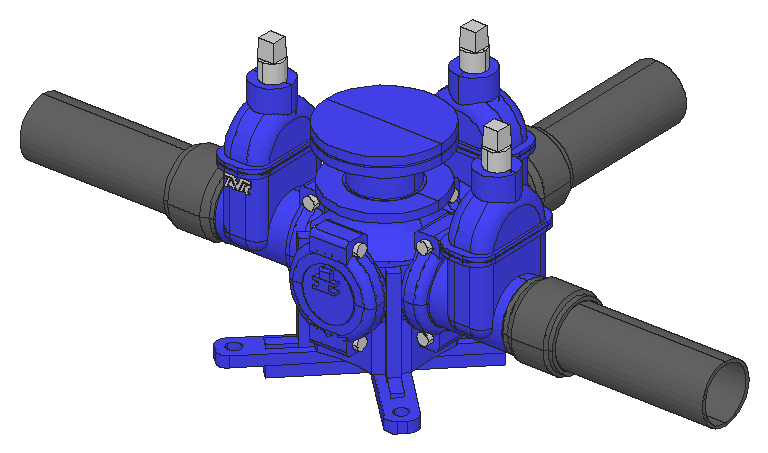
Revit family "18-01-010 DN100 Combicross with BL_CAP", category Pipe Accessories, Revit 2022
Family settings
  Round Connector Dimension = Use Diameter
  Part Type = Valve - Breaks Into
  Work Plane-Based = No
  Always vertical = Yes
  Cut with Voids When Loaded = No
  Shared = No
Parameters (values of type "DN100_With Blind Cap")
  test = 100 mm  # constant formula
  Width = 24 mm  # constant formula
  URL_product_pages = "https://www.avkvalves.com/P.aspx?no=1810001BBB894764"
  Search_table = "18-01-010 DN100 Combicross with BL_CAP"
  Rib_dim2 = 510 mm * 0.04  # 20.4 mm
  Rib_dim1 = 55 mm * 0.2  # 11 mm
  Raised_dis = size_lookup(Search_table, "Raised_dis", 0 mm, DN)  # 3 mm
  Rib_dim3 = PCD * 0.45  # 180 mm
  PCD = 510 mm - 110 mm  # 400 mm
  L3 = size_lookup(Search_table, "L3", 0 mm, DN)  # 825 mm
  L = size_lookup(Search_table, "L", 0 mm, DN) / 2  # 652.5 mm
  Hole_dia = 26 mm / 2  # 13 mm
  H3-H1 = H3 - H1  # 306 mm
  H3 = size_lookup(Search_table, "H3", 0 mm, DN)  # 491 mm
  H1 = size_lookup(Search_table, "H1", 0 mm, DN)  # 185 mm
  FL_T = size_lookup(Search_table, "FL_T", 0 mm, DN)  # 16 mm
  Description_ = "COMBI-CROSS, PE PIPE ENDS, PN16"
  Default Elevation = 0 mm
  DN100_With Blind Cap = "18-100-01-BBB894764"
  DN = 100 mm
  D = size_lookup(Search_table, "D", 0 mm, DN) / 2  # 55 mm
  CtoFit = size_lookup(Search_table, "CtoFit", 0 mm, DN)  # 157 mm
  Conn.3 = size_lookup(Search_table, "Conn.3", 0 mm, DN)  # 110 mm
  Conn.2 = size_lookup(Search_table, "Conn.2", 0 mm, DN)  # 110 mm
  Conn.1 = size_lookup(Search_table, "Conn.1", 0 mm, DN)  # 110 mm
  L4 = size_lookup(Search_table, "L4", 0 mm, DN)  # 281 mm
  Centre_Flange_OD = size_lookup(Search_table, "Centre_Flange_OD", 0 mm, DN) / 2  # 110 mm
  Centre_Bnt_H = size_lookup(Search_table, "Centre_Bnt_H", 0 mm, DN)  # 85 mm
  Centre_dis = size_lookup(Search_table, "Centre_dis", 0 mm, DN) / 2  # 110 mm
  Centre_B_H = size_lookup(Search_table, "Centre_B_H", 0 mm, DN)  # 137 mm
  C_to_connection = size_lookup(Search_table, "C_to_connection", 0 mm, DN)  # 110 mm
  C_FL_D = size_lookup(Search_table, "C_FL_D", 0 mm, DN) / 2  # 103.5 mm
  C_Bnt_OD = Bore * 1.25  # 62.5 mm
  Bore = DN / 2  # 50 mm
  Body_T = size_lookup(Search_table, "Body_T", 0 mm, DN)  # 7.5 mm
  Bnt_RR = Centre_dis * 0.85  # 93.5 mm
  55/2 = 55 mm / 2  # 27.5 mm
  510 = 510 mm / 2  # 255 mm
  320 = 320 mm / 2  # 160 mm
  30 = 30 mm  # constant formula
  20 = 20 mm  # constant formula
  2 = 2 mm  # constant formula
  185 = 185 mm  # constant formula
  15 = 15 mm  # constant formula
  10 = 10 mm  # constant formula
  1 = 150 mm  # constant formula
Reference planes
  plane 1 "Center (Front/Back)": y = 0
  plane 2: z = 0
  plane 3 "Center (Left/Right)": x = 0
  plane 4: through (0, 0, 1200) normal (-0.7071, 0.7071, 0)
  plane 5: through (0, 0, 1200) normal (-0.7071, -0.7071, 0)
  plane 6: z = 50
  plane 7: z = -50
  plane 8: z = 137
  plane 9: z = 121
  plane 10: x = -50
  plane 11: x = 50
  plane 12: x = -110
  plane 13: x = 110
  plane 14: z = 222
  plane 15: z = 219
  plane 16: z = 238
  plane 17: z = 306
  plane 18: x = -110
  plane 19: x = 110
  plane 20: y = 110
  plane 21: y = -110
  plane 22: through (124.616, -485.241, 1200) normal (0.7071, 0.7071, 0)
  plane 23: z = -185
  plane 24: z = -155
  plane 25: through (-593.135, 232.511, 1200) normal (0.7071, 0.7071, 0)
  plane 26: y = -75
  plane 27: x = -75
  plane 28: through (-126.931, 487.555, 1200) normal (0.7071, 0.7071, 0)
  plane 29: through (-400.771, -40.147, 1200) normal (-0.7071, 0.7071, 0)
  plane 30: through (-24.107, -384.732, 1200) normal (-0.7071, 0.7071, 0)
  plane 31: through (58.234, 97.33, 1200) normal (0.7071, 0.7071, 0)
  plane 32: through (-97.33, -58.234, 1200) normal (0.7071, 0.7071, 0)
  plane 33: through (58.234, -97.33, 1200) normal (-0.7071, 0.7071, 0)
  plane 34: through (-97.33, 58.234, 1200) normal (-0.7071, 0.7071, 0)
  plane 35: y = -172.5
  plane 36: y = 652.5
  plane 37: x = -652.5
  plane 38: x = 652.5
  plane 39: x = -371.5
Forms (mm)
  Revolve 1, solid, material "Laminate, Blue, Matte"
    sketch origin (0, 0, -71.799) x (1, 0, 0) y (0, 0, 1)
      loop
        line (-110, 129.299) -> (-110, 121.799) -> (-50, 121.799) -> (-50, 192.799) -> (-57.5, 192.799)
        arc (-57.5, 192.799) -> (-74.583, 153.47) -> (-110, 129.299) r 77.287
      axis (0, 192.799) -> (0, 121.799)
    angle from 0 to 360
  Revolve 2, solid, material "Laminate, Blue, Matte"
    sketch origin (0, 0, 0) x (1, 0, 0) y (0, 0, 1)
      loop
        line (110, 219) -> (93.5, 219) -> (93.5, 222) -> (50, 222) -> (50, 137) -> (57.5, 137) -> (57.5, 203) -> (110, 203) -> (110, 219)
      axis (0, 222) -> (0, 137)
    angle from 0 to 360
  Extrusion 3, solid, material "Laminate, Blue, Matte"
    sketch origin (-442.62, -1524, 137) x (-1, 0, 0) y (0, -1, 0)
      loop
        circle (-442.62, -1524) r 62.5
      loop
        circle (-442.62, -1524) r 50
    from 0 to -16
  Revolve 4, solid, material "Laminate, Blue, Matte"
    sketch origin (0, 0, 0) x (1, 0, 0) y (0, 0, 1)
      loop
        line (-110, 238) -> (-110, 222) -> (0, 222) -> (0, 238) -> (-110, 238)
      axis (0, 222) -> (0, 238)
    angle from 0 to 360
  Revolve 5, solid, material "Laminate, Blue, Matte"
    sketch origin (0, 0, 0) x (1, 0, 0) y (0, 0, 1)
      loop
        line (0, 50) -> (-110, 50) -> (-110, -37.5)
        arc (-110, -37.5) -> (-104.142, -51.642) -> (-90, -57.5) r 20
        line (-90, -57.5) -> (0, -57.5) -> (0, 50)
      axis (0, 50) -> (0, -57.5)
    angle from 0 to 360
  Revolve 6, solid, material "Laminate, Blue, Matte"
    sketch origin (0, 0, 0) x (1, 0, 0) y (0, 0, 1)
      loop
        line (-103.5, 137) -> (-103.5, 121) -> (0, 121) -> (0, 137) -> (-103.5, 137)
      axis (0, 137) -> (0, 121)
    angle from 0 to 360
  Extrusion 7, solid, material "Laminate, Blue, Matte"
    sketch origin (0, 0, 0) x (1, 0, 0) y (0, 0, 1)
      loop
        circle (0, 0) r 50
    from -110 to 110
  Extrusion 8, solid, material "Laminate, Blue, Matte"
    sketch origin (0, 0, 0) x (0, 1, 0) y (0, 0, 1)
      loop
        circle (0, 0) r 50
    from -110 to 110
  Extrusion 9, solid, material "Laminate, Blue, Matte"
    sketch origin (-49.134, 0, 0) x (1, 0, 0) y (0, 1, 0)
      loop
        line (-136.481, -175.009) -> (-125.875, -185.616)
        arc (-125.875, -185.616) -> (-111.733, -191.473) -> (-97.59, -185.616) r 20
        line (-97.59, -185.616) -> (49.134, -38.891) -> (195.859, -185.616)
        arc (195.859, -185.616) -> (210.001, -191.473) -> (224.143, -185.616) r 20
        line (224.143, -185.616) -> (234.75, -175.009)
        arc (234.75, -175.009) -> (240.608, -160.867) -> (234.75, -146.725) r 20
        line (234.75, -146.725) -> (88.025, 0) -> (234.75, 146.725)
        arc (234.75, 146.725) -> (240.608, 160.867) -> (234.75, 175.009) r 20
        line (234.75, 175.009) -> (224.143, 185.616)
        arc (224.143, 185.616) -> (210.001, 191.473) -> (195.859, 185.616) r 20
        line (195.859, 185.616) -> (49.134, 38.891) -> (-97.59, 185.616)
        arc (-97.59, 185.616) -> (-111.733, 191.473) -> (-125.875, 185.616) r 20
        line (-125.875, 185.616) -> (-136.481, 175.009)
        arc (-136.481, 175.009) -> (-142.339, 160.867) -> (-136.481, 146.725) r 20
        line (-136.481, 146.725) -> (10.243, 0) -> (-136.481, -146.725)
        arc (-136.481, -146.725) -> (-142.339, -160.867) -> (-136.481, -175.009) r 20
      loop
        circle (-110.866, -160) r 13
      loop
        circle (209.134, 160) r 13
      loop
        circle (209.134, -160) r 13
      loop
        circle (-110.866, 160) r 13
    from -135 to -155
  Extrusion 10, solid, material "Laminate, Blue, Matte"
    sketch origin (-49.134, 0, 0) x (1, 0, 0) y (0, 1, 0)
      loop
        arc (-3.169, 94.729) -> (-27.578, 76.792) -> (-46.169, 52.877) r 110
        arc (-46.169, 52.877) -> (-41.193, 0.033) -> (-46.109, -52.817) r 284.799
        arc (-46.109, -52.817) -> (-27.494, -76.714) -> (-3.067, -94.627) r 110
        arc (-3.067, -94.627) -> (49.013, -88.304) -> (101.118, -94.41) r 221.446
        arc (101.118, -94.41) -> (126.016, -77.119) -> (145.25, -53.689) r 110
        arc (145.25, -53.689) -> (141.364, -0.022) -> (145.209, 53.648) r 374.534
        arc (145.209, 53.648) -> (126.939, 77.806) -> (102.773, 96.065) r 110
        arc (102.773, 96.065) -> (49.953, 83.404) -> (-3.169, 94.729) r 122.986
    from -135 to 0
  Extrusion 11, solid, material "Laminate, Blue, Matte"
    sketch origin (-49.134, 0, 0) x (1, 0, 0) y (0, 1, 0)
      loop
        line (49.134, 14.142) -> (-71.074, 134.35) -> (-85.216, 120.208) -> (34.992, 0) -> (-85.216, -120.208) -> (-71.074, -134.35) -> (49.134, -14.142) -> (169.342, -134.35) -> (183.484, -120.208) -> (63.276, 0) -> (183.484, 120.208) -> (169.342, 134.35) -> (49.134, 14.142)
    from -185 to -128.341
  Extrusion 12, solid, material "Laminate, Blue, Matte"
    sketch origin (-49.134, 0, 0) x (1, 0, 0) y (0, 1, 0)
      loop
        line (104.713, 71.135) -> (120.269, 55.579) -> (149.119, 84.429) -> (133.563, 99.985) -> (104.713, 71.135)
      loop
        line (-50.851, -84.429) -> (-35.294, -99.985) -> (-6.444, -71.135) -> (-22.001, -55.579) -> (-50.851, -84.429)
      loop
        line (149.119, -84.429) -> (120.269, -55.579) -> (104.713, -71.135) -> (133.563, -99.985) -> (149.119, -84.429)
      loop
        line (-6.444, 71.135) -> (-35.294, 99.985) -> (-50.851, 84.429) -> (-22.001, 55.579) -> (-6.444, 71.135)
    from -155 to 50
  Revolve 13, solid, material "Default New Material(2)"
    sketch origin (-49.134, 0, 0) x (1, 0, 0) y (0, 1, 0)
      loop
        line (99.134, -86) -> (99.134, -134) -> (116.233, -134)
        arc (116.233, -134) -> (126.132, -129.899) -> (130.233, -120) r 14
        line (130.233, -120) -> (130.233, -100)
        arc (130.233, -100) -> (126.132, -90.101) -> (116.233, -86) r 14
        line (116.233, -86) -> (99.134, -86)
      axis (49.134, -86) -> (49.134, -134)
    angle from 0 to 360
  Extrusion 14, solid, material "Default New Material(2)"
    sketch origin (0, 0, 0) x (0, 1, 0) y (0, 0, 1)
      loop
        line (-96, 98) -> (-124, 98)
        arc (-124, 98) -> (-131.071, 95.071) -> (-134, 88) r 10
        line (-134, 88) -> (-134, 62.624) -> (-86, 62.624) -> (-86, 88)
        arc (-86, 88) -> (-88.929, 95.071) -> (-96, 98) r 10
      loop
        line (-86, -62.624) -> (-134, -62.624) -> (-134, -88)
        arc (-134, -88) -> (-131.071, -95.071) -> (-124, -98) r 10
        line (-124, -98) -> (-96, -98)
        arc (-96, -98) -> (-88.929, -95.071) -> (-86, -88) r 10
        line (-86, -88) -> (-86, -62.624)
    from -35 to 35
  Extrusion 15, solid, material "Default New Material(1)"
    sketch origin (0, 0, 0) x (0, 1, 0) y (0, 0, 1)
      loop
        circle (-110, 80.001) r 11
      loop
        circle (-110, -80.001) r 11
    from -45 to 45
  Extrusion 16, solid, material "Default New Material(2)"
    sketch origin (0, -110, 462.365) x (0, 0, 1) y (-1, 0, 0)
      loop
        circle (-462.365, 0) r 50
    from 0 to 24.35
  Extrusion 17, solid, material "Default New Material(2)"
    sketch origin (0, -110, 462.365) x (0, 0, 1) y (-1, 0, 0)
      loop
        line (-433.664, 20.646) -> (-438.664, 20.646) -> (-438.664, 9.354) -> (-448.664, 9.354) -> (-448.664, 20.646) -> (-453.664, 20.646) -> (-453.664, -20.646) -> (-448.664, -20.646) -> (-448.664, -9.354) -> (-438.664, -9.354) -> (-438.664, -20.646) -> (-433.664, -20.646) -> (-433.664, 20.646)
    from 24.35 to 35.301
  Extrusion 18, solid, material "Default New Material(2)"
    sketch origin (0, 0, 0) x (0, 1, 0) y (0, 0, 1)
      loop
        line (-134.35, 23.701) -> (-134.35, 41.453)
        arc (-134.35, 41.453) -> (-138.811, 45.913) -> (-143.271, 41.453) r 4.46
        line (-143.271, 41.453) -> (-143.271, 23.701) -> (-134.35, 23.701)
      loop
        circle (-138.811, 41.453) r 2.59
    from -9.354 to 9.354
Dimensions and locks
  equal spacing: plane 6, level, plane 7
  "Bore": plane 6 to level
  "Centre_B_H": plane 8 to level
  "FL_T": plane 8 to plane 9
  equal spacing: plane 11, plane 3 "Center (Left/Right)", plane 10
  "Bore": plane 3 "Center (Left/Right)" to plane 10
  "Body_T": plane 10 to Revolve 1 sketch curve
  equal spacing: plane 13, plane 3 "Center (Left/Right)", plane 12
  "Centre_dis": plane 3 "Center (Left/Right)" to plane 12
  "Centre_Bnt_H": plane 8 to plane 14
  "Raised_dis": Revolve 2 sketch curve to plane 14
  "Body_T": Revolve 2 sketch curve to plane 11
  "Raised_dis": plane 15 to plane 14
  "FL_T": Revolve 2 sketch curve to plane 15
  "Bnt_RR": Revolve 2 sketch curve to plane 3 "Center (Left/Right)"
  equal spacing: Extrusion 3 sketch curve, plane 3 "Center (Left/Right)", Extrusion 3 sketch curve  (x2)
  equal spacing: Extrusion 3 sketch curve, plane 1 "Center (Front/Back)", Extrusion 3 sketch curve  (x2)
  "FL_T": plane 16 to plane 14
  "H3-H1": plane 17 to level
  "Body_T": plane 7 to Revolve 5 sketch curve
  "C_FL_D": plane 3 "Center (Left/Right)" to Revolve 6 sketch curve
  equal spacing: Extrusion 7 sketch curve, plane 3 "Center (Left/Right)", Extrusion 7 sketch curve
  equal spacing: Extrusion 7 sketch curve, level, Extrusion 7 sketch curve
  equal spacing: Extrusion 7, plane 1 "Center (Front/Back)", Extrusion 7
  "C_to_connection": Extrusion 7 to plane 1 "Center (Front/Back)"
  equal spacing: plane 19, plane 3 "Center (Left/Right)", plane 18
  "C_to_connection": plane 3 "Center (Left/Right)" to plane 18
  equal spacing: Extrusion 8 sketch curve, plane 1 "Center (Front/Back)", Extrusion 8 sketch curve
  equal spacing: Extrusion 8 sketch curve, level, Extrusion 8 sketch curve
  equal spacing: Extrusion 8, plane 3 "Center (Left/Right)", Extrusion 8
  equal spacing: plane 20, plane 1 "Center (Front/Back)", plane 21
  "C_to_connection": plane 20 to plane 1 "Center (Front/Back)"
  equal spacing: Extrusion 9 sketch curve, plane 4, Extrusion 9 sketch curve
  "55/2": Extrusion 9 sketch curve to plane 4
  "510": plane 5 to Extrusion 9 sketch curve
  "510": plane 5 to plane 22
  "185": level to plane 23
  "30": Extrusion 9 to plane 23
  "30": plane 24 to plane 23
  "20": Extrusion 9 to plane 24
  "510": plane 5 to plane 25
  "510": plane 28 to plane 5
  Extrusion 9 sketch curve to Extrusion 9 sketch curve = 55 mm
  "510": plane 29 to plane 4
  "510": plane 4 to plane 30
  "Body_T": Revolve 1 sketch curve to plane 6
  "Centre_Flange_OD": plane 31 to plane 5
  equal spacing: Extrusion 12 sketch curve, plane 4, Extrusion 12 sketch curve  (x2)
  "Rib_dim2": plane 31 to Extrusion 12 sketch curve
  "Rib_dim2": Extrusion 12 sketch curve to plane 31
  "Rib_dim1": Extrusion 12 sketch curve to plane 4
  equal spacing: Extrusion 12 sketch curve, plane 5, Extrusion 12 sketch curve  (x2)
  "Rib_dim2": Extrusion 12 sketch curve to plane 32
  "Rib_dim2": plane 33 to Extrusion 12 sketch curve
  "Rib_dim2": Extrusion 12 sketch curve to plane 33
  "Rib_dim2": plane 34 to Extrusion 12 sketch curve
  "Rib_dim1": Extrusion 12 sketch curve to plane 5
  "Rib_dim1": plane 5 to Extrusion 12 sketch curve
  equal spacing: Extrusion 9 sketch curve, plane 5, Extrusion 9 sketch curve
  "320": Extrusion 9 sketch curve to plane 3 "Center (Left/Right)"  (x2)
  "320": plane 3 "Center (Left/Right)" to Extrusion 9 sketch curve  (x2)
  equal spacing: Extrusion 11 sketch curve, plane 4, Extrusion 11 sketch curve  (x2)
  equal spacing: Extrusion 11 sketch curve, plane 5, Extrusion 11 sketch curve  (x2)
  "10": Extrusion 11 sketch curve to plane 5
  "10": plane 4 to Extrusion 11 sketch curve
  "Rib_dim3": Extrusion 11 sketch curve to plane 5
  "Rib_dim3": Extrusion 11 sketch curve to plane 4
  equal spacing: Extrusion 10 sketch curve, plane 5, Extrusion 10 sketch curve  (x2)
  "30": plane 5 to Extrusion 10 sketch curve
  equal spacing: Extrusion 10 sketch curve, plane 4, Extrusion 10 sketch curve  (x2)
  "30": Extrusion 10 sketch curve to plane 5
  "30": plane 4 to Extrusion 10 sketch curve  (x2)
  plane 17 to plane 23 = 491 mm
  level to plane 23 = 185 mm
  "L": plane 36 to plane 1 "Center (Front/Back)"
  "L3": plane 36 to plane 35
  "L": plane 3 "Center (Left/Right)" to plane 37
  "L": plane 38 to plane 3 "Center (Left/Right)"
  plane 38 to plane 37 = 1305 mm  (x2)
  "L4": plane 39 to plane 37
  plane 37 to plane 39 = 281 mm
  plane 37 to plane 38 = 1305 mm
  equal spacing: Revolve 13 sketch curve, plane 21, Revolve 13 sketch curve
  "Width": Revolve 13 sketch curve to plane 21
  equal spacing: Extrusion 14 sketch curve, plane 21, Extrusion 14 sketch curve
  "Width": plane 21 to Extrusion 14 sketch curve
  equal spacing: Extrusion 14 sketch curve, level, Extrusion 14 sketch curve  (x2)
  equal spacing: Extrusion 14, plane 3 "Center (Left/Right)", Extrusion 14
  equal spacing: Extrusion 17 sketch curve, plane 3 "Center (Left/Right)", Extrusion 17 sketch curve  (x2)
  "Bore": radius of Extrusion 3 sketch curve
  "C_Bnt_OD": radius of Extrusion 3 sketch curve
  "Bore": radius of Extrusion 7 sketch curve
  "Bore": radius of Extrusion 8 sketch curve
  "Hole_dia": radius of Extrusion 9 sketch curve  (x4)
  "20": radius of Extrusion 9 sketch curve  (x8)
  "Centre_dis": radius of Extrusion 10 sketch curve  (x4)
  "10": radius of Extrusion 14 sketch curve  (x4)
  "Bore": radius of Extrusion 16 sketch curve
  aligned and locked: level to plane 2
  aligned and locked: Revolve 1 sketch curve to plane 3 "Center (Left/Right)"
  aligned and locked: Revolve 1 sketch curve to plane 6
  aligned and locked: plane 10 to Revolve 1 sketch curve
  aligned and locked: plane 9 to Revolve 1 sketch curve
  aligned and locked: Revolve 1 sketch curve to plane 12
  aligned and locked: Revolve 2 sketch curve to plane 3 "Center (Left/Right)"
  aligned and locked: plane 8 to Revolve 2 sketch curve
  aligned and locked: Revolve 2 sketch curve to plane 11
  aligned and locked: plane 14 to Revolve 2 sketch curve
  aligned and locked: plane 13 to Revolve 2 sketch curve
  aligned and locked: plane 8 to Extrusion 3
  aligned and locked: Extrusion 3 to plane 9
  aligned and locked: plane 16 to Revolve 4 sketch curve
  aligned and locked: plane 12 to Revolve 4 sketch curve
  aligned and locked: plane 14 to Revolve 4 sketch curve
  aligned and locked: Revolve 4 sketch curve to plane 3 "Center (Left/Right)"
  aligned and locked: Revolve 4 sketch curve to plane 16
  aligned and locked: plane 3 "Center (Left/Right)" to Revolve 5 sketch curve
  aligned and locked: plane 6 to Revolve 5 sketch curve
  aligned and locked: Revolve 5 sketch curve to plane 3 "Center (Left/Right)"
  aligned and locked: Revolve 6 sketch curve to plane 3 "Center (Left/Right)"  (x2)
  aligned and locked: Revolve 6 sketch curve to plane 8
  aligned and locked: plane 9 to Revolve 6 sketch curve
  aligned and locked: Extrusion 8 to plane 18
  aligned and locked: Extrusion 9 sketch curve to plane 22
  aligned and locked: level to Extrusion 10
  aligned and locked: Extrusion 9 sketch curve to plane 28
  aligned and locked: Extrusion 9 sketch curve to Extrusion 9 sketch curve  (x2)
  aligned and locked: plane 30 to Extrusion 9 sketch curve
  aligned and locked: Extrusion 9 sketch curve to plane 29
  aligned and locked: Extrusion 11 sketch curve to Extrusion 11 sketch curve  (x4)
  aligned and locked: Extrusion 11 to plane 23
  aligned and locked: Extrusion 12 sketch curve to Extrusion 12 sketch curve  (x4)
  aligned and locked: Extrusion 12 to plane 24
  aligned and locked: plane 6 to Extrusion 12
  aligned and locked: plane 18 to nested 1
  aligned and locked: Revolve 13 sketch curve to plane 3 "Center (Left/Right)"
  aligned and locked: Revolve 13 sketch curve to plane 11
  aligned and locked: Extrusion 14 sketch curve to Extrusion 14 sketch curve  (x2)
  aligned and locked: nested 3 to Extrusion 14 sketch curve
  aligned and locked: Extrusion 14 to nested 3
  aligned and locked: Extrusion 11 to Extrusion 16
  aligned and locked: Extrusion 16 to Extrusion 7
  aligned and locked: Extrusion 17 sketch curve to Extrusion 17 sketch curve  (x2)
  aligned and locked: Extrusion 17 to Extrusion 11
  aligned and locked: Extrusion 16 to Extrusion 18 sketch curve
  aligned and locked: Extrusion 18 to Extrusion 17
  aligned and locked: Extrusion 17 to Extrusion 18
  aligned and locked: nested 2 to plane 1 "Center (Front/Back)"
  aligned and locked: nested 2 to plane 19
Automatic sketch dimensions
  Revolve 4 sketch curve to plane 3 "Center (Left/Right)" = 0 mm
  plane 16 to Revolve 4 sketch curve = 85 mm
  Extrusion 15 sketch curve to plane 21 = 0 mm  (x2)
  Extrusion 15 sketch curve to plane 7 = 30.001 mm
  plane 6 to Extrusion 15 sketch curve = 30.001 mm
  level to Extrusion 17 sketch curve = 8.701 mm
  level to Extrusion 17 sketch curve = 13.701 mm
  Extrusion 17 sketch curve to Extrusion 17 sketch curve = 5 mm  (x2)
  Extrusion 17 sketch curve to Extrusion 17 sketch curve = 10 mm  (x2)
  plane 3 "Center (Left/Right)" to Extrusion 17 sketch curve = 9.354 mm
  Extrusion 17 sketch curve to Extrusion 17 sketch curve = 11.291 mm
  Extrusion 18 sketch curve to Extrusion 18 sketch curve = 0 mm  (x2)
  Extrusion 18 sketch curve to Extrusion 18 sketch curve = 4.46 mm
  level to Extrusion 18 sketch curve = 23.701 mm
  Extrusion 18 sketch curve to plane 6 = 8.547 mm
  Revolve 1 sketch curve to plane 8 = 6.082 mm
  Revolve 1 sketch curve to plane 9 = 32.024 mm
  plane 8 to Revolve 1 sketch curve = 16.976 mm
  Revolve 2 sketch curve to plane 17 = 11.711 mm
  plane 17 to Revolve 2 sketch curve = 3.289 mm
  Revolve 5 sketch curve to plane 12 = 0 mm
  plane 12 to Revolve 5 sketch curve = 20 mm
  Revolve 5 sketch curve to Revolve 5 sketch curve = 31 mm
  Revolve 5 sketch curve to plane 9 = 15 mm
  Revolve 6 sketch curve to plane 9 = 20 mm
  Revolve 6 sketch curve to Revolve 6 sketch curve = 25 mm
  plane 1 "Center (Front/Back)" to Extrusion 9 sketch curve = 0 mm  (x2)
  Extrusion 9 sketch curve to plane 3 "Center (Left/Right)" = 0 mm  (x2)
  Extrusion 9 sketch curve to plane 5 = 0 mm
  Extrusion 9 sketch curve to plane 4 = 0 mm  (x2)
  plane 1 "Center (Front/Back)" to Extrusion 10 sketch curve = 0.129 mm
  Extrusion 10 sketch curve to plane 39 = 3.627 mm
  Extrusion 10 sketch curve to plane 3 "Center (Left/Right)" = 0.731 mm
  plane 3 "Center (Left/Right)" to Extrusion 10 sketch curve = 0.01 mm
  plane 3 "Center (Left/Right)" to Extrusion 10 sketch curve = 0.016 mm
  Extrusion 10 sketch curve to plane 1 "Center (Front/Back)" = 0.007 mm
  plane 3 "Center (Left/Right)" to Extrusion 10 sketch curve = 0.04 mm
  plane 3 "Center (Left/Right)" to Extrusion 10 sketch curve = 0.34 mm
  Extrusion 10 sketch curve to Extrusion 10 sketch curve = 2.272 mm
  Extrusion 10 sketch curve to plane 1 "Center (Front/Back)" = 0.121 mm
  Extrusion 10 sketch curve to plane 38 = 185.736 mm
  Extrusion 10 sketch curve to plane 35 = 137.25 mm
  Revolve 13 sketch curve to Revolve 13 sketch curve = 17.099 mm  (x2)
  Revolve 13 sketch curve to plane 21 = 10 mm
  plane 35 to Revolve 13 sketch curve = 25.568 mm
  plane 21 to Revolve 13 sketch curve = 11.932 mm
  Extrusion 14 sketch curve to plane 7 = 12.624 mm
  Extrusion 16 sketch curve to level = 0 mm
  Extrusion 16 sketch curve to plane 3 "Center (Left/Right)" = 0 mm
  radius of Extrusion 15 sketch curve = 11 mm  (x2)
  radius of Extrusion 18 sketch curve = 2.59 mm
Nested families
  nested 1: "Gate valve DN100" at (-215, 0, 0), type "Gate valve DN100"
  nested 2: "Gate valve DN100" at (215, 0, 0) x (-1, 0, 0) z (0, 0, 1), type "Gate valve DN100"
  nested 3: "Gate valve DN100" at (0, 215, 0) x (0, -1, 0) z (0, 0, 1), type "Gate valve DN100"
Connectors
  piping at (-653, 0, 0), diameter 100, driven by "DN"
    settings: on nested 1, index 1, connector inside diameter 609.6 mm, connector length 0 mm, flow factor 0, pipe flow 0.0 L/s, pressure drop 0.0 Pa, fitting loss kfactor 0, connector angle 0.00°, fixture units 0, engagement length 0 mm, angle of deflection 0.00°, flow configuration 0, flow direction 0, fitting loss method 0, system type 7, joint type 0, gender type 0, connector reference index -1, connector utility 0, adjustable connector no, is connector primary yes, connector description ""
  piping at (653, 0, 0), diameter 100, driven by "DN"
    settings: on nested 2, index 2, connector inside diameter 609.6 mm, connector length 0 mm, flow factor 0, pipe flow 0.0 L/s, pressure drop 0.0 Pa, fitting loss kfactor 0, connector angle 0.00°, fixture units 0, engagement length 0 mm, angle of deflection 0.00°, flow configuration 0, flow direction 0, fitting loss method 0, system type 7, joint type 0, gender type 0, connector reference index -1, connector utility 0, adjustable connector no, is connector primary no, connector description ""
  piping at (0, 653, 0), diameter 100, driven by "DN"
    settings: on nested 3, index 3, connector inside diameter 609.6 mm, connector length 0 mm, flow factor 0, pipe flow 0.0 L/s, pressure drop 0.0 Pa, fitting loss kfactor 0, connector angle 0.00°, fixture units 0, engagement length 0 mm, angle of deflection 0.00°, flow configuration 0, flow direction 0, fitting loss method 0, system type 7, joint type 0, gender type 0, connector reference index -1, connector utility 0, adjustable connector no, is connector primary no, connector description ""
Definition of nested family "Gate valve DN100"
  Parameters (values of type "Gate valve DN100")
    max_H = size_lookup(Search_table, "max_H", 0 mm, DN)  # 78 mm
    Width = size_lookup(Search_table, "Width", 0 mm, DN) / 2  # 23.5 mm
    Stem_Hole = 22 mm  # constant formula
    Stem_H = 47 mm  # constant formula
    Stem_F2 = 34 mm  # constant formula
    Stem_F1 = 30 mm / 2  # 15 mm
    Stem_F = 28 mm / 2  # 14 mm
    Search_table = "Gate valve"
    SctoF = size_lookup(Search_table, "SctoF", 0 mm, DN)  # 543 mm
    Polymer = (H33 - HH) * 0.95  # 64.6 mm
    PE_dis1 = PE_dis * 0.1  # 9.6 mm
    PE_dis = size_lookup(Search_table, "PE_dis", 0 mm, DN)  # 96 mm
    PE_dia1 = PE_dia * 0.9  # 61.65 mm
    PE_dia = size_lookup(Search_table, "PE_dia", 0 mm, DN) / 2  # 68.5 mm
    L4 = size_lookup(Search_table, "L4", 0 mm, DN)  # 281 mm
    L/2 = L * 0.5  # 652.5 mm
    L = size_lookup(Search_table, "L", 0 mm, DN)  # 1305 mm
    Inner_Width = size_lookup(Search_table, "Inner_Width", 0 mm, DN)  # 32.5 mm
    HH = size_lookup(Search_table, "HH", 0 mm, DN)  # 306 mm
    H33-HH = (H33 - HH)  # 68 mm
    H33 = size_lookup(Search_table, "H33", 0 mm, DN)  # 374 mm
    H3-H1 = H3 - H1  # 306 mm
    H3 = size_lookup(Search_table, "H3", 0 mm, DN)  # 491 mm
    H1 = size_lookup(Search_table, "H1", 0 mm, DN)  # 185 mm
    Default Elevation = 1219.2 mm
    DN = 100 mm
    D = size_lookup(Search_table, "D", 0 mm, DN) / 2  # 55 mm
    CtoSocket = size_lookup(Search_table, "CtoSocket", 0 mm, DN)  # 105 mm
    CtoFit = size_lookup(Search_table, "CtoFit", 0 mm, DN)  # 157 mm
    Clamp_width = size_lookup(Search_table, "Clamp_width", 0 mm, DN) / 2  # 98 mm
    Clamp_w_T = size_lookup(Search_table, "Clamp_w_T", 0 mm, DN)  # 11 mm
    Clamp_W_H = size_lookup(Search_table, "Clamp_W_H", 0 mm, DN)  # 35 mm
    Clamp_R = size_lookup(Search_table, "Clamp_R", 0 mm, DN)  # 60.5 mm
    Bore = DN / 2  # 50 mm
    Bont_dim2 = Stem_Hole * 1.7  # 37.4 mm
    Bont_R = size_lookup(Search_table, "Bont_R", 0 mm, DN)  # 35 mm
    Body_T = size_lookup(Search_table, "Body_T", 0 mm, DN)  # 7.5 mm
    Body_R = 25 mm  # constant formula
    Bnt_FL_W = size_lookup(Search_table, "Bnt_FL_W", 0 mm, DN) / 2  # 97 mm
    Bnt_FL_L = Bdy_W * 1.18  # 47.2 mm
    Bdy_W = size_lookup(Search_table, "Bdy_W", 0 mm, DN) / 2  # 40 mm
    Bdy_Rib_L = size_lookup(Search_table, "Bdy_Rib_L", 0 mm, DN) / 2  # 42.5 mm
    Bdy_OD_R = size_lookup(Search_table, "Bdy_OD_R", 0 mm, DN)  # 67 mm
    Bdy_L = size_lookup(Search_table, "Bdy_L", 0 mm, DN) / 2  # 82 mm
    Bdy_H = size_lookup(Search_table, "Bdy_H", 0 mm, DN)  # 122 mm
    Bdy_FL_T = size_lookup(Search_table, "Bdy_FL_T", 0 mm, DN)  # 7.5 mm
    5 = 10 mm  # constant formula
    1 = 1 mm  # constant formula
  Reference planes
    plane 1 "Center (Front/Back)": y = 0
    plane 2: z = 0
    plane 3 "Center (Left/Right)": x = 0
    plane 4: z = 50
    plane 5: z = -50
    plane 6: x = -438
    plane 7: x = 105
    plane 8: y = -82
    plane 9: y = -57
    plane 10: y = 82
    plane 11: y = 57
    plane 12: z = 122
    plane 13: z = 306
    plane 14: z = 272
    plane 15: z = 272
    plane 16: z = 272
    plane 17: x = -157
    plane 18: x = -61
    plane 19: y = 61.65
    plane 20: x = 40
    plane 21: z = 78
    plane 22: z = 78
    plane 23: y = 35
    plane 24: z = 55
  Forms (mm)
    Extrusion 1, solid
      sketch origin (0, 0, 0) x (1, 0, 0) y (0, 1, 0)
        loop
          line (-20, 15.981) -> (-20, -7.599) -> (20.031, -7.599) -> (20.031, 15.981) -> (-20, 15.981)
      from 0 to 3.871
    Revolve 2, solid
      sketch origin (0, 0, 0) x (1, 0, 0) y (0, 0, 1)
        loop
          line (-438, 55) -> (-438, 50) -> (-157, 50) -> (-157, 55) -> (-438, 55)
        axis (-438, 0) -> (-157, 0)
      angle from 0 to 360
    Extrusion 3, solid
      sketch origin (0, 0, 0) x (1, 0, 0) y (0, 1, 0)
        loop
          arc (-15, 82) -> (-32.678, 74.678) -> (-40, 57) r 25
          line (-40, 57) -> (-40, -57)
          arc (-40, -57) -> (-32.678, -74.678) -> (-15, -82) r 25
          line (-15, -82) -> (15, -82)
          arc (15, -82) -> (32.678, -74.678) -> (40, -57) r 25
          line (40, -57) -> (40, 57)
          arc (40, 57) -> (32.678, 74.678) -> (15, 82) r 25
          line (15, 82) -> (-15, 82)
      from 0 to 122
    Revolve 4, solid
      sketch origin (0, 0, 0) x (1, 0, 0) y (0, 1, 0)
        loop
          arc (-40, -57) -> (-32.678, -74.678) -> (-15, -82) r 25
          line (-15, -82) -> (15, -82)
          arc (15, -82) -> (32.678, -74.678) -> (40, -57) r 25
          line (40, -57) -> (-40, -57)
        axis (-40, -57) -> (40, -57)
      angle from 0 to 360
    Revolve 5, solid
      sketch origin (0, 0, 0) x (1, 0, 0) y (0, 1, 0)
        loop
          line (-40, 57) -> (40, 57)
          arc (40, 57) -> (32.494, 74.333) -> (15.006, 81.468) r 25
          line (15.006, 81.468) -> (-15.006, 81.468)
          arc (-15.006, 81.468) -> (-32.494, 74.333) -> (-40, 57) r 25
        axis (40, 57) -> (-40, 57)
      angle from 0 to 360
    Revolve 6, solid
      sketch origin (-493.771, -4572, 122) x (-1, 0, 0) y (0, -1, 0)
        loop
          arc (-478.771, -4654) -> (-461.093, -4646.678) -> (-453.771, -4629) r 25
          line (-453.771, -4629) -> (-453.771, -4572) -> (-533.771, -4572) -> (-533.771, -4629)
          arc (-533.771, -4629) -> (-526.449, -4646.678) -> (-508.771, -4654) r 25
          line (-508.771, -4654) -> (-478.771, -4654)
        axis (-453.771, -4572) -> (-533.771, -4572)
      angle from 0 to -180
    Extrusion 7, solid
      sketch origin (-493.771, -4572, 122) x (-1, 0, 0) y (0, -1, 0)
        loop
          arc (-481.571, -4669) -> (-456.822, -4658.749) -> (-446.571, -4634) r 35
          line (-446.571, -4634) -> (-446.571, -4510)
          arc (-446.571, -4510) -> (-456.822, -4485.251) -> (-481.571, -4475) r 35
          line (-481.571, -4475) -> (-505.971, -4475)
          arc (-505.971, -4475) -> (-530.72, -4485.251) -> (-540.971, -4510) r 35
          line (-540.971, -4510) -> (-540.971, -4634)
          arc (-540.971, -4634) -> (-530.72, -4658.749) -> (-505.971, -4669) r 35
          line (-505.971, -4669) -> (-481.571, -4669)
      from -7.5 to 7.5
    Sweep 8, void
      path in 3D
        loop
          arc (12.2, -97, 129.5) -> (36.949, -86.749, 129.5) -> (47.2, -62, 129.5) r 35
          line (47.2, -62, 129.5) -> (47.2, 62, 129.5)
          arc (47.2, 62, 129.5) -> (36.949, 86.749, 129.5) -> (12.2, 97, 129.5) r 35
          line (12.2, 97, 129.5) -> (-12.2, 97, 129.5)
          arc (-12.2, 97, 129.5) -> (-36.949, 86.749, 129.5) -> (-47.2, 62, 129.5) r 35
          line (-47.2, 62, 129.5) -> (-47.2, -62, 129.5)
          arc (-47.2, -62, 129.5) -> (-36.949, -86.749, 129.5) -> (-12.2, -97, 129.5) r 35
          line (-12.2, -97, 129.5) -> (12.2, -97, 129.5)
      profile origin (0, -97, 129.5) x (0, 1, 0) y (0, 0, 1)
        loop
          circle (0, -7.5) r 1
    Revolve 9, solid
      sketch origin (0, 0, 0) x (0, 1, 0) y (0, 0, 1)
        loop
          line (0, 272) -> (-22, 272) -> (-22, 122) -> (0, 122) -> (0, 272)
        axis (0, 272) -> (0, 122)
      angle from 0 to 360
    Revolve 10, solid
      sketch origin (0, 0, 0) x (1, 0, 0) y (0, 0, 1)
        loop
          line (0, 122) -> (37.4, 122) -> (37.4, 238) -> (0, 238) -> (0, 122)
        axis (0, 238) -> (0, 122)
      angle from 0 to 360
    Blend 11, solid
      base sketch origin (-122.707, -4572, 272) x (-1, 0, 0) y (0, -1, 0)
        loop
          line (-108.707, -4586) -> (-108.707, -4558) -> (-136.707, -4558) -> (-136.707, -4586) -> (-108.707, -4586)
      top sketch origin (-122.707, -4572, 272) x (-1, 0, 0) y (0, -1, 0)
        loop
          line (-107.707, -4587) -> (-107.707, -4557) -> (-137.707, -4557) -> (-137.707, -4587) -> (-107.707, -4587)
      from 34 to 0
    Extrusion 12, solid
      sketch origin (0, 0, 0) x (1, 0, 0) y (0, 0, 1)
        loop
          line (-23.918, 96.897) -> (-23.918, 92.626) -> (-18.918, 92.626) -> (-23.918, 80.401) -> (-18.918, 80.401) -> (-17.873, 82.958) -> (-10.679, 82.958) -> (-8.889, 80.401) -> (-3.889, 80.401) -> (-11.233, 96.897) -> (-23.918, 96.897)
        loop
          line (-16.916, 87.448) -> (-12.014, 87.448) -> (-14.569, 93.187) -> (-16.916, 87.448)
        loop
          line (-23.918, 103.623) -> (-23.918, 98.623) -> (-9.985, 98.623) -> (-1.872, 80.401) -> (2.613, 80.401) -> (10.066, 98.623) -> (25.066, 98.623) -> (25.066, 103.623) -> (6.51, 103.623) -> (0, 87.706) -> (-5.793, 103.623) -> (-23.918, 103.623)
        loop
          line (11.596, 97.227) -> (4.714, 80.401) -> (9.714, 80.401) -> (12.401, 86.971) -> (17.001, 80.401) -> (23.155, 80.401) -> (17.448, 87.448)
          arc (17.448, 87.448) -> (20.917, 89.098) -> (23.144, 92.227) r 7.64
          line (23.144, 92.227) -> (25.066, 92.227) -> (25.066, 97.227) -> (19.932, 97.227) -> (19.583, 95.483)
          arc (19.583, 95.483) -> (17.625, 92.244) -> (14.05, 91.003) r 5.574
          line (14.05, 91.003) -> (16.596, 97.227) -> (11.596, 97.227)
      from 82 to 83
    Revolve 13, solid
      sketch origin (0, 0, 0) x (1, 0, 0) y (0, 1, 0)
        loop
          line (-144.315, 68.5) -> (-147.4, 62.65) -> (-157, 62.65) -> (-157, 57) -> (-61, 57) -> (-61, 62.65) -> (-70.6, 62.65) -> (-83, 68.5) -> (-144.315, 68.5)
        axis (-157, 0) -> (-61, 0)
      angle from 0 to 360
    Revolve 14, solid
      sketch origin (0, 0, 0) x (1, 0, 0) y (0, 0, 1)
        loop
          line (-47, 50) -> (-61, 50) -> (-61, 0) -> (-47, 0) -> (-47, 50)
        axis (-61, 0) -> (-47, 0)
      angle from 0 to 360
    Revolve 15, solid
      sketch origin (0, 0, 0) x (1, 0, 0) y (0, 1, 0)
        loop
          line (128.5, 50) -> (128.5, 64)
          arc (128.5, 64) -> (124.399, 73.899) -> (114.5, 78) r 14
          line (114.5, 78) -> (95.5, 78)
          arc (95.5, 78) -> (85.601, 73.899) -> (81.5, 64) r 14
          line (81.5, 64) -> (81.5, 50) -> (128.5, 50)
        axis (81.5, 0) -> (128.5, 0)
      angle from 0 to 360
    Extrusion 16, solid
      sketch origin (0, 0, 0) x (1, 0, 0) y (0, 0, 1)
        loop
          arc (91.5, 98) -> (84.429, 95.071) -> (81.5, 88) r 10
          line (81.5, 88) -> (81.5, 64) -> (128.5, 64) -> (128.5, 88)
          arc (128.5, 88) -> (125.571, 95.071) -> (118.5, 98) r 10
          line (118.5, 98) -> (91.5, 98)
        loop
          line (81.5, -64) -> (81.5, -88)
          arc (81.5, -88) -> (84.429, -95.071) -> (91.5, -98) r 10
          line (91.5, -98) -> (118.5, -98)
          arc (118.5, -98) -> (125.571, -95.071) -> (128.5, -88) r 10
          line (128.5, -88) -> (128.5, -64) -> (81.5, -64)
      from -35 to 35
    Extrusion 17, solid
      sketch origin (0, 0, 0) x (1, 0, 0) y (0, 0, 1)
        loop
          circle (106.499, 78) r 11
        loop
          circle (105, -78) r 11
      from -45 to 45
    Extrusion 18, solid
      sketch origin (105, -4572, 279.192) x (0, 0, 1) y (0, -1, 0)
        loop
          circle (-279.192, -4572) r 61.65
        loop
          circle (-279.192, -4572) r 50
      from -166 to 0
  Cuts and joins
    Sweep 8 cuts Extrusion 7
  Lines and regions (mm)
    sketch lines
      curve 1: line (-12.2, -97, 129.5) -> (12.2, -97, 129.5)
      curve 2: arc (-12.2, -97, 129.5) -> (-36.949, -86.749, 129.5) -> (-47.2, -62, 129.5) r 35
      curve 3: arc (47.2, -62, 129.5) -> (36.949, -86.749, 129.5) -> (12.2, -97, 129.5) r 35
      curve 4: line (47.2, -62, 129.5) -> (47.2, 62, 129.5)
      curve 5: arc (12.2, 97, 129.5) -> (36.949, 86.749, 129.5) -> (47.2, 62, 129.5) r 35
      curve 6: line (12.2, 97, 129.5) -> (-12.2, 97, 129.5)
      curve 7: line (-47.2, 62, 129.5) -> (-47.2, -62, 129.5)
      curve 8: arc (-47.2, 62, 129.5) -> (-36.949, 86.749, 129.5) -> (-12.2, 97, 129.5) r 35
  Dimensions and locks
    equal spacing: plane 4, level, plane 5
    "Bore": plane 4 to level
    equal spacing: Extrusion 3 sketch curve, plane 3 "Center (Left/Right)", Extrusion 3 sketch curve
    equal spacing: Extrusion 3 sketch curve, plane 1 "Center (Front/Back)", Extrusion 3 sketch curve
    "Bdy_W": Extrusion 3 sketch curve to plane 3 "Center (Left/Right)"
    "Bdy_L": plane 1 "Center (Front/Back)" to Extrusion 3 sketch curve
    "Bdy_L": plane 8 to plane 1 "Center (Front/Back)"
    "Body_R": plane 9 to plane 8
    "Bdy_L": plane 1 "Center (Front/Back)" to plane 10
    "CtoSocket": plane 7 to plane 3 "Center (Left/Right)"
    "Bdy_H": plane 12 to level
    equal spacing: Revolve 6 sketch curve, plane 3 "Center (Left/Right)", Revolve 6 sketch curve
    "Bdy_L": plane 1 "Center (Front/Back)" to Revolve 6 sketch curve
    "Bdy_W": Revolve 6 sketch curve to plane 3 "Center (Left/Right)"
    equal spacing: Extrusion 7 sketch curve, plane 3 "Center (Left/Right)", Extrusion 7 sketch curve
    equal spacing: Extrusion 7 sketch curve, plane 1 "Center (Front/Back)", Extrusion 7 sketch curve
    "Bnt_FL_W": plane 1 "Center (Front/Back)" to Extrusion 7 sketch curve
    "Bnt_FL_L": plane 3 "Center (Left/Right)" to Extrusion 7 sketch curve
    equal spacing: Extrusion 7, plane 12, Extrusion 7
    "Bdy_FL_T": Extrusion 7 to plane 12
    "1": Sweep 8 sketch curve to plane 12
    "Bnt_FL_W": plane 1 "Center (Front/Back)" to Sweep 8 sketch curve
    "H3-H1": plane 13 to level
    "Stem_Hole": plane 1 "Center (Front/Back)" to Revolve 9 sketch curve
    "Stem_F2": plane 13 to plane 14
    "Bont_dim2": Revolve 10 sketch curve to plane 3 "Center (Left/Right)"
    "Stem_F2": plane 13 to plane 15
    "Stem_F2": plane 15 to Revolve 10 sketch curve
    "Stem_F2": plane 13 to plane 16
    equal spacing: Blend 11 sketch curve, plane 3 "Center (Left/Right)", Blend 11 sketch curve  (x2)
    equal spacing: Blend 11 sketch curve, plane 1 "Center (Front/Back)", Blend 11 sketch curve  (x2)
    "Stem_F": plane 3 "Center (Left/Right)" to Blend 11 sketch curve
    "Stem_F": plane 1 "Center (Front/Back)" to Blend 11 sketch curve
    "Stem_F1": plane 1 "Center (Front/Back)" to Blend 11 sketch curve
    "Stem_F1": plane 3 "Center (Left/Right)" to Blend 11 sketch curve
    "Bdy_L": plane 1 "Center (Front/Back)" to Extrusion 12
    "1": plane 8 to Extrusion 12
    "CtoFit": plane 3 "Center (Left/Right)" to plane 17
    "L4": plane 17 to plane 6
    "PE_dis": plane 18 to plane 17
    "PE_dia": plane 1 "Center (Front/Back)" to Revolve 13 sketch curve
    "PE_dia1": plane 1 "Center (Front/Back)" to plane 19
    "1": Revolve 13 sketch curve to plane 19
    "PE_dis1": plane 17 to Revolve 13 sketch curve
    "PE_dis1": Revolve 13 sketch curve to plane 18
    "Bdy_W": plane 20 to plane 3 "Center (Left/Right)"
    "Bore": level to Revolve 14 sketch curve
    "Stem_F": Revolve 14 sketch curve to plane 18
    "Bdy_W": Revolve 5 sketch curve to plane 3 "Center (Left/Right)"
    "Bdy_W": plane 3 "Center (Left/Right)" to Revolve 5 sketch curve
    plane 3 "Center (Left/Right)" to plane 18 = 61 mm
    "max_H": plane 1 "Center (Front/Back)" to Revolve 15 sketch curve
    equal spacing: Revolve 15 sketch curve, plane 7, Revolve 15 sketch curve
    "Width": Revolve 15 sketch curve to plane 7
    "Bore": plane 1 "Center (Front/Back)" to Revolve 15 sketch curve
    equal spacing: Extrusion 16 sketch curve, plane 7, Extrusion 16 sketch curve  (x2)
    "Width": Extrusion 16 sketch curve to plane 7  (x2)
    equal spacing: Extrusion 16 sketch curve, level, Extrusion 16 sketch curve  (x2)
    "max_H": plane 21 to level
    "Stem_F": plane 21 to Extrusion 16 sketch curve
    "Clamp_width": level to Extrusion 16 sketch curve
    equal spacing: Extrusion 16, plane 1 "Center (Front/Back)", Extrusion 16
    "Clamp_W_H": Extrusion 16 to plane 1 "Center (Front/Back)"
    equal spacing: Extrusion 17 sketch curve, level, Extrusion 17 sketch curve
    "max_H": plane 22 to level
    "max_H": level to Extrusion 17 sketch curve
    equal spacing: Extrusion 17, plane 1 "Center (Front/Back)", Extrusion 17
    "Clamp_W_H": plane 23 to plane 1 "Center (Front/Back)"
    "5": Extrusion 17 to plane 23
    equal spacing: Extrusion 18 sketch curve, level, Extrusion 18 sketch curve  (x2)
    equal spacing: Extrusion 18 sketch curve, plane 1 "Center (Front/Back)", Extrusion 18 sketch curve  (x2)
    "D": plane 24 to level
    "Body_R": radius of Extrusion 3 sketch curve  (x4)
    "Body_R": radius of Revolve 6 sketch curve  (x2)
    "Bont_R": radius of Extrusion 7 sketch curve  (x4)
    "1": radius of Sweep 8 sketch curve
    "Body_R": radius of Revolve 5 sketch curve  (x2)
    "Stem_F": radius of Revolve 15 sketch curve  (x2)
    "5": radius of Extrusion 16 sketch curve  (x4)
    "Stem_Hole": diameter of Extrusion 17 sketch curve  (x2)
    "Bore": radius of Extrusion 18 sketch curve
    "PE_dia1": radius of Extrusion 18 sketch curve
    aligned and locked: plane 2 to Extrusion 1
    aligned and locked: level to Extrusion 1
    aligned and locked: Revolve 2 to plane 6
    aligned and locked: Extrusion 3 to level
    aligned and locked: Revolve 4 sketch curve to Extrusion 3  (x3)
    aligned and locked: Revolve 4 sketch curve to plane 9
    aligned and locked: Revolve 5 sketch curve to plane 11  (x2)
    aligned and locked: plane 12 to Extrusion 3
    aligned and locked: Revolve 6 sketch curve to plane 1 "Center (Front/Back)"
    aligned and locked: plane 1 "Center (Front/Back)" to Revolve 6 sketch curve
    aligned and locked: Revolve 9 sketch curve to plane 1 "Center (Front/Back)"
    aligned and locked: plane 14 to Revolve 9 sketch curve
    aligned and locked: Revolve 9 sketch curve to plane 12
    aligned and locked: Revolve 9 sketch curve to Revolve 9 sketch curve
    aligned and locked: plane 3 "Center (Left/Right)" to Revolve 10 sketch curve
    aligned and locked: plane 12 to Revolve 10 sketch curve
    aligned and locked: Revolve 10 sketch curve to plane 3 "Center (Left/Right)"
    aligned and locked: plane 13 to Blend 11
    aligned and locked: Blend 11 to plane 16
    aligned and locked: Revolve 2 to plane 17
    aligned and locked: Revolve 13 sketch curve to plane 17
    aligned and locked: Revolve 13 sketch curve to Revolve 2
    aligned and locked: Revolve 13 sketch curve to plane 11
    aligned and locked: Revolve 13 sketch curve to Revolve 13 sketch curve
    aligned and locked: level to Revolve 14 sketch curve
    aligned and locked: plane 18 to Revolve 14 sketch curve
    aligned and locked: Revolve 14 sketch curve to level
    aligned and locked: Revolve 13 to plane 18
    aligned and locked: plane 1 "Center (Front/Back)" to Revolve 15 sketch curve
    aligned and locked: Extrusion 18 to plane 18
    aligned and locked: plane 7 to Extrusion 18
    aligned and locked: Revolve 2 sketch curve to plane 4
    aligned and locked: Revolve 2 sketch curve to plane 24
  Automatic sketch dimensions
    Extrusion 1 sketch curve to Extrusion 1 sketch curve = 40.031 mm
    Extrusion 1 sketch curve to Extrusion 1 sketch curve = 23.58 mm
    Revolve 4 sketch curve to Revolve 4 sketch curve = 10 mm
    Revolve 4 sketch curve to Revolve 4 sketch curve = 30 mm
    Extrusion 12 sketch curve to plane 3 "Center (Left/Right)" = 0 mm
    Extrusion 12 sketch curve to plane 3 "Center (Left/Right)" = 1.872 mm
    Extrusion 12 sketch curve to Extrusion 12 sketch curve = 2.016 mm
    Extrusion 12 sketch curve to plane 3 "Center (Left/Right)" = 5.793 mm
    Extrusion 12 sketch curve to Extrusion 12 sketch curve = 5 mm  (x5)
    Extrusion 12 sketch curve to Extrusion 12 sketch curve = 4.192 mm
    Extrusion 12 sketch curve to Extrusion 12 sketch curve = 1.79 mm
    Extrusion 12 sketch curve to Extrusion 12 sketch curve = 1.248 mm
    Extrusion 12 sketch curve to Extrusion 12 sketch curve = 1.335 mm
    Extrusion 12 sketch curve to Extrusion 12 sketch curve = 3.336 mm
    Extrusion 12 sketch curve to Extrusion 12 sketch curve = 4.902 mm
    Extrusion 12 sketch curve to Extrusion 12 sketch curve = 0.956 mm
    Extrusion 12 sketch curve to Extrusion 12 sketch curve = 4.349 mm
    Extrusion 12 sketch curve to Extrusion 12 sketch curve = 1.046 mm
    Extrusion 12 sketch curve to Extrusion 12 sketch curve = 0 mm  (x6)
    plane 3 "Center (Left/Right)" to Extrusion 12 sketch curve = 2.613 mm
    plane 3 "Center (Left/Right)" to Extrusion 12 sketch curve = 6.51 mm
    Extrusion 12 sketch curve to Extrusion 12 sketch curve = 7.101 mm
    Extrusion 12 sketch curve to Extrusion 12 sketch curve = 3.556 mm
    Extrusion 12 sketch curve to Extrusion 12 sketch curve = 2.687 mm
    Extrusion 12 sketch curve to Extrusion 12 sketch curve = 1.649 mm
    Extrusion 12 sketch curve to Extrusion 12 sketch curve = 4.051 mm
    Extrusion 12 sketch curve to Extrusion 12 sketch curve = 1.888 mm
    Extrusion 12 sketch curve to Extrusion 12 sketch curve = 0.59 mm
    Extrusion 12 sketch curve to Extrusion 12 sketch curve = 7.287 mm
    Extrusion 12 sketch curve to Extrusion 12 sketch curve = 3.398 mm
    Extrusion 12 sketch curve to Extrusion 12 sketch curve = 2.987 mm
    Extrusion 12 sketch curve to Extrusion 12 sketch curve = 0.349 mm
    Extrusion 12 sketch curve to Extrusion 12 sketch curve = 3.561 mm
    Extrusion 12 sketch curve to Extrusion 12 sketch curve = 6.153 mm
    Extrusion 12 sketch curve to Extrusion 12 sketch curve = 1.922 mm
    plane 4 to Extrusion 12 sketch curve = 30.401 mm
    Extrusion 12 sketch curve to Extrusion 12 sketch curve = 2.557 mm
    Extrusion 12 sketch curve to Extrusion 12 sketch curve = 6.57 mm
    Extrusion 12 sketch curve to Extrusion 12 sketch curve = 4.49 mm
    Extrusion 12 sketch curve to Extrusion 12 sketch curve = 0.477 mm
    Extrusion 12 sketch curve to Extrusion 12 sketch curve = 7.305 mm
    Extrusion 12 sketch curve to Extrusion 12 sketch curve = 4.032 mm
    Extrusion 12 sketch curve to Extrusion 12 sketch curve = 4.779 mm
    Extrusion 12 sketch curve to Extrusion 12 sketch curve = 5.178 mm
    Extrusion 12 sketch curve to Extrusion 12 sketch curve = 0.561 mm
    Extrusion 12 sketch curve to Extrusion 12 sketch curve = 0.532 mm
    Extrusion 12 sketch curve to Extrusion 12 sketch curve = 4.271 mm
    Extrusion 12 sketch curve to Extrusion 12 sketch curve = 2.276 mm
    Extrusion 12 sketch curve to Extrusion 12 sketch curve = 1.744 mm
    Extrusion 12 sketch curve to Extrusion 12 sketch curve = 1.396 mm
    Extrusion 12 sketch curve to Extrusion 12 sketch curve = 1.726 mm
    Extrusion 12 sketch curve to Extrusion 12 sketch curve = 2.101 mm
    Extrusion 12 sketch curve to Extrusion 12 sketch curve = 1.53 mm
    Revolve 2 sketch curve to plane 6 = 0 mm
    Revolve 2 sketch curve to plane 17 = 0 mm
    Revolve 2 sketch curve to level = 0 mm
    plane 7 to Revolve 2 sketch curve = 31.302 mm
    Revolve 2 sketch curve to Revolve 2 sketch curve = 15 mm
    Revolve 5 sketch curve to plane 11 = 0.532 mm
    plane 18 to Revolve 5 sketch curve = 0.5 mm
    Revolve 5 sketch curve to Revolve 5 sketch curve = 2.506 mm
    plane 7 to Revolve 6 sketch curve = 80.2 mm
    Revolve 6 sketch curve to Revolve 6 sketch curve = 40 mm
    Revolve 9 sketch curve to plane 14 = 49 mm
    Revolve 9 sketch curve to plane 14 = 14 mm
    plane 13 to Revolve 10 sketch curve = 84.044 mm
    Revolve 10 sketch curve to Revolve 10 sketch curve = 35 mm
    Revolve 13 sketch curve to plane 17 = 0 mm
    Revolve 13 sketch curve to plane 18 = 0 mm
    Revolve 13 sketch curve to Revolve 13 sketch curve = 3.085 mm
    Revolve 13 sketch curve to Revolve 13 sketch curve = 12.4 mm
    Revolve 13 sketch curve to plane 3 "Center (Left/Right)" = 14 mm
    Revolve 14 sketch curve to Revolve 14 sketch curve = 3 mm
    Revolve 14 sketch curve to plane 3 "Center (Left/Right)" = 9 mm
    plane 7 to Revolve 15 sketch curve = 59 mm
    Revolve 15 sketch curve to Revolve 15 sketch curve = 35 mm
    Extrusion 17 sketch curve to plane 7 = 0 mm
    plane 7 to Extrusion 17 sketch curve = 1.499 mm
  Connectors
    piping at (-438, 0, 0), diameter 100, driven by "DN"
      settings: on Revolve 2, index 1, connector inside diameter 609.6 mm, connector length 0 mm, flow factor 0, pipe flow 0.0 L/s, pressure drop 0.0 Pa, fitting loss kfactor 0, connector angle 0.00°, fixture units 0, engagement length 0 mm, angle of deflection 0.00°, flow configuration 0, flow direction 0, fitting loss method 0, system type 7, joint type 0, gender type 0, connector reference index -1, connector utility 0, adjustable connector no, is connector primary yes, connector description ""
